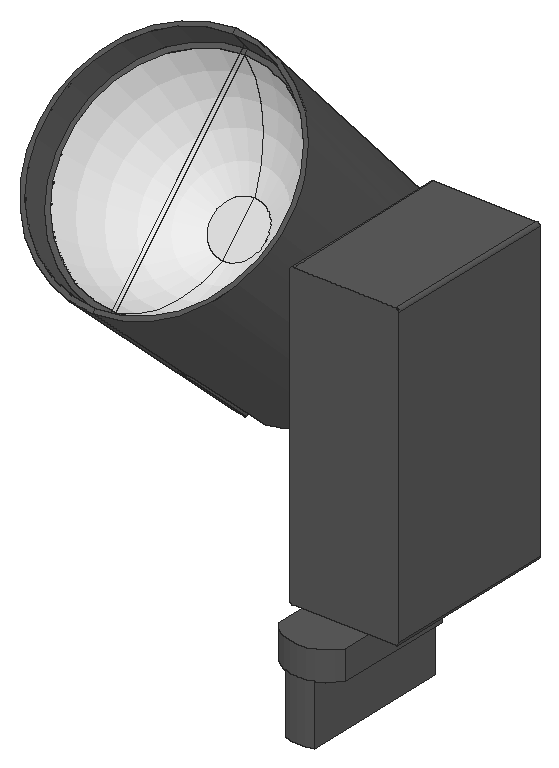
Revit family "0004902 Feilo Sylvania Lighting Fixture START TRACK SPOT L 35W 4K RA90 MB BLACK", category Lighting Fixtures, host Face, Revit 2017 (continued)
Definition of nested family "Start Track Spot Head"
  Types (96, lengths in mm): name | Wattage | built-in parameter 1150134 | Photometric Web File | Model | built-in parameter 1150105 | Lumens | built-in parameter 1150107 | built-in parameter 1150106 | HeadThickness_FEILO | HeadRibOffset_FEILO | HeadRibDepth_FEILO | HeadRibCutWidth_FEILO | HeadRibCutOffset_FEILO | HeadReflectorRadius_FEILO | HeadReflectorOffset_FEILO | HeadLEDRadius_FEILO | HeadHeight_FEILO | HeadDiffusorOffset_FEILO | HeadDiaOut_FEILO | HeadDiaIn_FEILO | HeadAxisFromTop_FEILO | Emit from Circle Diameter | built-in parameter 1150104 | Description | Apparent Load
    0004812 START TRACK SPOT S 14W 3K RA80 MB WHITE | 14 W | (empty or 0) | "0004812.ies" | "START TRACK SPOT S 14W 3K RA80 MB WHITE" | 120.32 (stored number, unit not read) | 1512 lm | 3000 (stored number, unit not read) | 1.2032 (stored number, unit not read) | 1.5 | 4.179 | 55.714 | 7.167 | 50.87 | 50.588 | 55.714 | 9.556 | 117 | 9.435 | 86 | 77.477 | 69.354 | 77.477 | 10.034 (stored number, unit not read) | "Integrated LED spotlight, Textured White - RAL9016, compact and minimalist design, ideal for retail applications, die-cast aluminium body, passive cooling heatsink. Beam angle: 36°, color temperature: 3000K , total system power: 14W, total fixture output: 1508 lm, LOR: 100%, colour rendering: Ra: 80 typical, LED Chromaticity: 3 step MacAdam ellipse, lifetime: >50000 hours at L70B50, energy class: A++, A+, A, IR/UV free light source without heat radiation, operating voltage: 220-240V / 50-60Hz, drive current: 350mA, electronic driver, non-dimmable, power factor: 0.92, electrical protection: Class II, Global Track 3 Phase adapter suitable for Global trac 3-circuit tracks, ingress protection rating: IP20, suitable for internal environment only, horizontal rotation: 355°, vertical tilt: 90°, dimensions: Ø86x140x200, weight: 0.940kg." | 14 VA
    0004811 START TRACK SPOT S 14W 3K RA80 NB WHITE | 14 W | (empty or 0) | "0004811.ies" | "START TRACK SPOT S 14W 3K RA80 NB WHITE" | 123.66 (stored number, unit not read) | 1554 lm | 3000 (stored number, unit not read) | 1.2366 (stored number, unit not read) | 1.5 | 4.179 | 55.714 | 7.167 | 50.87 | 50.588 | 55.714 | 9.556 | 117 | 9.435 | 86 | 77.477 | 69.354 | 77.477 | 10.312 (stored number, unit not read) | "Integrated LED spotlight, Textured White - RAL9016, compact and minimalist design, ideal for retail applications, die-cast aluminium body, passive cooling heatsink. Beam angle: 12°, color temperature: 3000K , total system power: 14W, total fixture output: 1551 lm, LOR: 100%, colour rendering: Ra: 80 typical, LED Chromaticity: 3 step MacAdam ellipse, lifetime: >50000 hours at L70B50, energy class: A++, A+, A, IR/UV free light source without heat radiation, operating voltage: 220-240V / 50-60Hz, drive current: 350mA, electronic driver, non-dimmable, power factor: 0.92, electrical protection: Class II, Global Track 3 Phase adapter suitable for Global trac 3-circuit tracks, ingress protection rating: IP20, suitable for internal environment only, horizontal rotation: 355°, vertical tilt: 90°, dimensions: Ø86x140x200, weight: 0.940kg." | 14 VA
  Reference planes
    plane 1 "Center (Front/Back)": y = 0
    plane 2: z = 0
    plane 3 "Center (Left/Right)": x = 0
    plane 4: x = 43
    plane 5: x = -43
    plane 6: x = -38.739
    plane 7: x = 38.739
    plane 8: z = 69.354
    plane 9: z = -47.646
    plane 10: x = -41.5
    plane 11: x = -37.239
    plane 12: z = -38.211
    plane 13: z = -35.211
    plane 14: z = 8.068
    plane 15: x = -9.556
    plane 16: x = -28.667
    plane 17: x = -19.111
    plane 18: x = -27.167
    plane 19: x = -17.611
    plane 20: x = -8.056
    plane 21: z = 13.64
    plane 22: x = -29.667
    plane 23: x = -26.167
    plane 24: x = -20.111
    plane 25: x = -16.611
    plane 26: x = -10.556
    plane 27: x = -7.056
    plane 28: x = -36.239
    plane 29: x = -40.5
    plane 30: z = 65.175
    plane 31: z = 60.997
    plane 32: z = 56.818
    plane 33: z = 18.484
    plane 34: y = -43
    plane 35: y = 43
    plane 36: y = 3.583
    plane 37: y = -3.583
    plane 38: y = -2.583
    plane 39: y = 2.583
    plane 40: y = 46
    plane 41: z = 13.5
    plane 42: z = -13.5
    plane 43: y = 39
    plane 44: x = 4.708
    plane 45: x = -2.458
    plane 46: x = -1.458
    plane 47: x = 1.458
  Forms (mm)
    Extrusion 1, solid
      sketch origin (4.2, 0, 0) x (1, 0, 0) y (0, 1, 0)
        loop
          line (-1219.2, 1219.2) -> (-1219.2, -1219.2) -> (1219.2, -1219.2) -> (1219.2, 1219.2) -> (-1219.2, 1219.2)
      from 0 to -68.017
    Revolve 2, solid, material <- "Material_1_FEILO", detail levels medium+fine
      sketch origin (0, 0, 0) x (1, 0, 0) y (0, 0, 1)
        loop
          line (-43, -47.646) -> (-41.5, -47.646) -> (-40.5, -35.211) -> (-38.739, -35.211)
          arc (-38.739, -35.211) -> (-30.16, -9.517) -> (-9.556, 8.068) r 50.588
          line (-9.556, 8.068) -> (0, 8.068) -> (0, 13.64) -> (-16.611, 13.64) -> (-17.611, 60.997) -> (-19.111, 60.997) -> (-20.111, 13.64) -> (-36.239, 13.64) -> (-37.239, 69.354) -> (-38.739, 69.354) -> (-43, -47.646)
        axis (0, 69.354) -> (0, -47.646)
      angle from 360 to 0
    Extrusion 3, void
      sketch origin (0, 0, 0) x (0, 1, 0) y (0, 0, 1)
        loop
          line (-3.583, 69.354) -> (-2.583, 18.484) -> (1.932, 18.484) -> (2.932, 69.354) -> (-3.583, 69.354)
      from 43 to -43
    Revolve 4, solid, material <- "Material_2_FEILO", detail levels medium+fine
      sketch origin (0, 0, 0) x (1, 0, 0) y (0, 0, 1)
        loop
          line (-41.5, -38.211) -> (0, -38.211) -> (0, -35.211) -> (-41.5, -35.211) -> (-41.5, -38.211)
        axis (0, -35.211) -> (0, -38.211)
      angle from 360 to 0
    Revolve 5, solid, material <- "Material_1_FEILO"
      sketch origin (0, 0, 0) x (0, 1, 0) y (0, 0, 1)
        loop
          line (46, 0) -> (39, 0) -> (39, -13.5) -> (46, -13.5) -> (46, 0)
        axis (39, 0) -> (46, 0)
      angle from 360 to 0
    Revolve 6, solid, material <- "Material_1_FEILO", detail levels medium+fine
      sketch origin (0, 0, 0) x (1, 0, 0) y (0, 0, 1)
        loop
          line (-29.667, 13.64) -> (-26.167, 13.64) -> (-27.167, 65.175) -> (-28.667, 65.175) -> (-29.667, 13.64)
        loop
          line (-10.556, 13.64) -> (-7.056, 13.64) -> (-7.833, 56.818) -> (-9.778, 56.818) -> (-10.556, 13.64)
        axis (0, 65.175) -> (0, 13.64)
      angle from 360 to 0
    Extrusion 7, void
      sketch origin (0, 0, 0) x (1, 0, 0) y (0, 0, 1)
        loop
          line (4.708, 69.354) -> (-2.458, 69.354) -> (-1.458, 13.64) -> (1.458, 13.64) -> (4.708, 69.354)
      from -43 to 43
    Revolve 8, solid, material <- "Material_1_FEILO", detail levels coarse
      sketch origin (0, 0, 0) x (1, 0, 0) y (0, 0, 1)
        loop
          line (0, 69.354) -> (-38.739, 69.354) -> (-43, -47.646) -> (-41.5, -47.646) -> (-40.731, -38.211) -> (0, -38.211) -> (0, 69.354)
        axis (0, 69.354) -> (0, -47.646)
      angle from 360 to 0
  Cuts and joins
    Extrusion 3 cuts Revolve 2
    Extrusion 7 cuts Revolve 6
  Dimensions and locks
    equal spacing: plane 7, plane 3 "Center (Left/Right)", plane 6
    equal spacing: plane 4, plane 3 "Center (Left/Right)", plane 5
    "HeadDiaOut_FEILO": plane 4 to plane 5
    "HeadDiaIn_FEILO": plane 7 to plane 6
    "HeadHeight_FEILO": plane 8 to plane 9
    "HeadThickness_FEILO": plane 10 to plane 5
    "HeadThickness_FEILO": plane 11 to plane 6
    "HeadDiffusorOffset_FEILO": plane 12 to plane 9
    "HeadDiffusorThickness_FEILO": plane 13 to plane 12
    "HeadReflectorOffset_FEILO": plane 14 to plane 9
    "HeadLEDRadius_FEILO": plane 3 "Center (Left/Right)" to plane 15
    "HeadLEDRadius_FEILO": plane 15 to plane 17
    "HeadLEDRadius_FEILO": plane 17 to plane 16
    "HeadThickness_FEILO": plane 18 to plane 16
    "HeadThickness_FEILO": plane 19 to plane 17
    "HeadThickness_FEILO": plane 20 to plane 15
    "HeadRibDepth_FEILO": plane 8 to plane 21
    "HeadDraft_FEILO": plane 16 to plane 22
    "HeadDraft_FEILO": plane 23 to plane 18
    "HeadDraft_FEILO": plane 17 to plane 24
    "HeadDraft_FEILO": plane 25 to plane 19
    "HeadDraft_FEILO": plane 15 to plane 26
    "HeadDraft_FEILO": plane 27 to plane 20
    "HeadDraft_FEILO": plane 29 to plane 10
    "HeadDraft_FEILO": plane 28 to plane 11
    "HeadRibOffset_FEILO": plane 8 to plane 30
    "HeadRibOffset_FEILO": plane 30 to plane 31
    "HeadRibOffset_FEILO": plane 31 to plane 32
    "HeadAxisFromTop_FEILO": plane 8 to plane 2
    "HeadRibCutOffset_FEILO": plane 8 to plane 33
    equal spacing: plane 34, plane 1 "Center (Front/Back)", plane 35
    "HeadDiaOut_FEILO": plane 34 to plane 35
    equal spacing: plane 38, plane 1 "Center (Front/Back)", plane 39
    equal spacing: plane 37, plane 1 "Center (Front/Back)", plane 36
    "HeadRibCutWidth_FEILO": plane 37 to plane 36
    "HeadDraft_FEILO": plane 37 to plane 38
    locked: plane 35 to plane 40 at 3
    equal spacing: plane 41, plane 2, plane 42
    locked: plane 42 to plane 41 at 27
    locked: plane 43 to plane 35 at 4
    equal spacing: plane 45, imposter light, plane 44
    "HeadDraft_FEILO": plane 46 to plane 45
    "HeadRibCutWidth_FEILO": plane 44 to plane 45
    equal spacing: plane 47, plane 3 "Center (Left/Right)", plane 46
    "HeadReflectorRadius_FEILO": radius of Revolve 2 sketch curve
    aligned and locked: plane 2 to Extrusion 1
    aligned and locked: level to Extrusion 1
    aligned and locked: Revolve 2 sketch curve to plane 3 "Center (Left/Right)"  (x2)
    aligned and locked: plane 9 to Revolve 2 sketch curve  (x2)
    aligned and locked: plane 5 to Revolve 2 sketch curve
    aligned and locked: plane 10 to Revolve 2 sketch curve
    aligned and locked: plane 14 to Revolve 2 sketch curve
    aligned and locked: plane 8 to Revolve 2 sketch curve
    aligned and locked: Revolve 2 sketch curve to plane 13
    aligned and locked: plane 12 to Revolve 4 sketch curve
    aligned and locked: plane 3 "Center (Left/Right)" to Revolve 4 sketch curve
    aligned and locked: Revolve 4 sketch curve to plane 10
    aligned and locked: Revolve 4 sketch curve to plane 3 "Center (Left/Right)"
    aligned and locked: plane 12 to imposter light
    aligned and locked: imposter light to plane 1 "Center (Front/Back)"
    aligned and locked: Revolve 5 sketch curve to plane 2
    aligned and locked: plane 43 to Revolve 5 sketch curve
    aligned and locked: plane 42 to Revolve 5 sketch curve
    aligned and locked: Revolve 6 sketch curve to plane 3 "Center (Left/Right)"
    aligned and locked: plane 22 to Revolve 6 sketch curve
    aligned and locked: plane 30 to Revolve 6 sketch curve
    aligned and locked: plane 23 to Revolve 6 sketch curve
    aligned and locked: Revolve 6 sketch curve to plane 21  (x2)
    aligned and locked: plane 21 to Revolve 6 sketch curve
    aligned and locked: plane 17 to Revolve 2 sketch curve
    aligned and locked: plane 19 to Revolve 2 sketch curve
    aligned and locked: plane 31 to Revolve 2 sketch curve
    aligned and locked: plane 21 to Revolve 2 sketch curve
    aligned and locked: Extrusion 3 to plane 8
    aligned and locked: plane 33 to Extrusion 3
    aligned and locked: plane 8 to Extrusion 3 sketch curve
    aligned and locked: Extrusion 3 sketch curve to plane 33
    aligned and locked: Extrusion 3 to plane 5
    aligned and locked: plane 4 to Extrusion 3
    aligned and locked: plane 32 to Revolve 6 sketch curve
    aligned and locked: plane 44 to Extrusion 7 sketch curve
    aligned and locked: Extrusion 7 sketch curve to plane 8
    aligned and locked: plane 46 to Extrusion 7 sketch curve
    aligned and locked: plane 21 to Extrusion 7 sketch curve
    aligned and locked: plane 34 to Extrusion 7
    aligned and locked: Extrusion 7 to plane 35
    aligned and locked: Revolve 4 sketch curve to plane 13
    aligned and locked: Revolve 5 sketch curve to plane 40
    aligned and locked: Revolve 8 sketch curve to plane 3 "Center (Left/Right)"
    aligned and locked: Revolve 8 sketch curve to cut or joined group of Revolve 2, Extrusion 3  (x3)
    aligned and locked: plane 5 to Revolve 8 sketch curve
    aligned and locked: plane 3 "Center (Left/Right)" to Revolve 8 sketch curve
    aligned and locked: plane 12 to Revolve 8 sketch curve
  Automatic sketch dimensions
    Extrusion 1 sketch curve to Extrusion 1 sketch curve = 2438.4 mm  (x2)
    Extrusion 3 sketch curve to plane 37 = 0 mm
    Extrusion 3 sketch curve to plane 38 = 0 mm
    plane 39 to Extrusion 3 sketch curve = 0.651 mm
    Extrusion 3 sketch curve to plane 39 = 0.349 mm
    Revolve 6 sketch curve to plane 16 = 0 mm
    Revolve 6 sketch curve to plane 18 = 0 mm
    Revolve 6 sketch curve to plane 26 = 0 mm
    Revolve 6 sketch curve to plane 27 = 0 mm
    Revolve 6 sketch curve to plane 15 = 0.222 mm
    plane 9 to Revolve 6 sketch curve = 559.103 mm
    Revolve 6 sketch curve to plane 8 = 2535.555 mm
    plane 20 to Revolve 6 sketch curve = 0.222 mm
    Revolve 2 sketch curve to plane 29 = 0 mm
    Revolve 2 sketch curve to plane 6 = 0 mm  (x2)
    Revolve 2 sketch curve to plane 11 = 0 mm
    Revolve 2 sketch curve to plane 21 = 0 mm
    Revolve 2 sketch curve to plane 28 = 0 mm
    Revolve 2 sketch curve to plane 24 = 0 mm
    Revolve 2 sketch curve to plane 25 = 0 mm
    Revolve 2 sketch curve to plane 15 = 0 mm
    Revolve 2 sketch curve to Revolve 2 sketch curve = 557.155 mm
    Revolve 2 sketch curve to plane 8 = 2535.558 mm
    Extrusion 7 sketch curve to plane 45 = 0 mm
    Extrusion 7 sketch curve to plane 47 = 0 mm
    plane 9 to Revolve 4 sketch curve = 559.103 mm
    Revolve 4 sketch curve to plane 8 = 2535.555 mm
    Revolve 5 sketch curve to level = 0 mm
    plane 34 to Revolve 5 sketch curve = 1968.092 mm
    Revolve 5 sketch curve to plane 40 = 1405.763 mm
    Revolve 8 sketch curve to plane 6 = 0 mm
    Revolve 8 sketch curve to plane 29 = 0.231 mm
    plane 9 to Revolve 8 sketch curve = 559.103 mm
    Revolve 8 sketch curve to Revolve 8 sketch curve = 2535.555 mm
Definition of nested family "Start Track Spot Box"
  Parameters (values of type "Type Large White")
    URL = "http://www.feilosylvania.com"
    Type Image = (empty or 0)
    Type Comments = "n/a"
    Small_FEILO = no
    Material_3_FEILO = none
    Model = ""
    Manufacturer = "Feilo Sylvania"
    Keynote = ""
    Material_2_FEILO = none
    Description = ""
    Default Elevation = 1219.2 mm
    Cost = 0
    Material_1_FEILO = none
    BoxWidth_FEILO = 49 mm
    BoxStartAngle_FEILO [instance] = 0.00°
    BoxRadius_FEILO = 1.5 mm
    BoxHeight_FEILO = if(Small_FEILO, 112 mm, 136 mm)  # 136 mm
    BoxEndAngle_FEILO [instance] = BoxStartAngle_FEILO - 180.00°  # -180.00°
    BoxDepth_FEILO = if(Small_FEILO, 71.5 mm, 79 mm)  # 79 mm
    BoxAxisVerticalOffset_FEILO = 16 mm
    BoxAxisOffset_FEILO = BoxHeight_FEILO / 6.8  # 20 mm
    Assembly Code = ""
    Material_4_FEILO = none
  Types (4, lengths in mm): name | Small_FEILO | BoxHeight_FEILO | BoxDepth_FEILO | BoxAxisOffset_FEILO
    Type Large White | no | 136 | 79 | 20
    Type Small White | yes | 112 | 71.5 | 16.471
    Type Small Black | yes | 112 | 71.5 | 16.471
    Type Large Black | no | 136 | 79 | 20
  Reference planes
    plane 1 "Center (Front/Back)": y = 0
    plane 2: z = 0
    plane 3 "Center (Left/Right)": x = 0
    plane 4: x = 24.5
    plane 5: x = -24.5
    plane 6: y = 68
    plane 7: y = -68
    plane 8: z = 39.5
    plane 9: z = -39.5
    plane 10: y = -48
    plane 11: x = 30.5
    plane 12: x = 8.5
    plane 13: x = 21.5
    plane 14: y = 70
    plane 15: y = 72
    plane 16: x = 19.5
  Forms (mm)
    Extrusion 1, solid
      sketch origin (4.2, 0, 0) x (1, 0, 0) y (0, 1, 0)
        loop
          line (-1219.2, 1219.2) -> (-1219.2, -1219.2) -> (1219.2, -1219.2) -> (1219.2, 1219.2) -> (-1219.2, 1219.2)
      from 0 to -68.017
    Extrusion 2, solid, material <- "Material_1_FEILO"
      sketch origin (0, 0, 0) x (1, 0, 0) y (0, 1, 0)
        loop
          arc (-23, 68) -> (-24.061, 67.561) -> (-24.5, 66.5) r 1.5
          line (-24.5, 66.5) -> (-24.5, -66.5)
          arc (-24.5, -66.5) -> (-24.061, -67.561) -> (-23, -68) r 1.5
          line (-23, -68) -> (23, -68)
          arc (23, -68) -> (24.061, -67.561) -> (24.5, -66.5) r 1.5
          line (24.5, -66.5) -> (24.5, 66.5)
          arc (24.5, 66.5) -> (24.061, 67.561) -> (23, 68) r 1.5
          line (23, 68) -> (-23, 68)
      from -39.5 to 39.5
    Revolve 3, solid, not visible
      sketch origin (0, 0, 0) x (1, 0, 0) y (0, 1, 0)
        loop
          line (30.5, -48) -> (24.5, -48) -> (24.5, -68) -> (30.5, -68) -> (30.5, -48)
        axis (30.5, -48) -> (24.5, -48)
      angle from 0 <- "BoxStartAngle_FEILO" to -180 <- "BoxEndAngle_FEILO"
    Revolve 4, solid, material <- "Material_2_FEILO"
      sketch origin (0, 0, 0) x (1, 0, 0) y (0, 1, 0)
        loop
          line (8.5, 68) -> (19.5, 68) -> (19.5, 70) -> (21.5, 70) -> (21.5, 72) -> (8.5, 72) -> (8.5, 68)
        axis (8.5, 72) -> (8.5, 68)
      angle from 360 to 0
  Dimensions and locks
    equal spacing: plane 5, plane 3 "Center (Left/Right)", plane 4
    "BoxWidth_FEILO": plane 5 to plane 4
    equal spacing: plane 7, plane 1 "Center (Front/Back)", plane 6
    "BoxHeight_FEILO": plane 7 to plane 6
    equal spacing: plane 8, plane 2, plane 9
    "BoxDepth_FEILO": plane 8 to plane 9
    "BoxAxisOffset_FEILO": plane 7 to plane 10
    locked: plane 4 to plane 11 at 6
    "BoxAxisVerticalOffset_FEILO": plane 12 to plane 4
    locked: plane 12 to plane 13 at 13
    plane 6 to plane 14 to plane 15 = 2 mm locked, 2 mm locked
    locked: plane 12 to plane 16 at 11
    "BoxRadius_FEILO": radius of Extrusion 2 sketch curve  (x4)
    aligned and locked: plane 2 to Extrusion 1
    aligned and locked: level to Extrusion 1
    aligned and locked: plane 6 to Extrusion 2 sketch curve
    aligned and locked: plane 5 to Extrusion 2 sketch curve
    aligned and locked: Extrusion 2 sketch curve to plane 7
    aligned and locked: Extrusion 2 sketch curve to plane 4
    aligned and locked: Extrusion 2 to plane 8
    aligned and locked: plane 9 to Extrusion 2
    aligned and locked: Revolve 3 sketch curve to plane 10  (x2)
    aligned and locked: plane 11 to Revolve 3 sketch curve
    aligned and locked: Revolve 3 sketch curve to plane 4
    aligned and locked: plane 7 to Revolve 3 sketch curve
    aligned and locked: Revolve 4 sketch curve to plane 12
    aligned and locked: plane 6 to Revolve 4 sketch curve
    aligned and locked: plane 12 to Revolve 4 sketch curve
    aligned and locked: plane 15 to Revolve 4 sketch curve
    aligned and locked: Revolve 4 sketch curve to plane 13
    aligned and locked: Revolve 4 sketch curve to plane 14
    aligned and locked: Revolve 4 sketch curve to plane 16
    aligned and locked: Revolve 4 sketch curve to plane 6
  Automatic sketch dimensions
    Extrusion 1 sketch curve to Extrusion 1 sketch curve = 2438.4 mm  (x2)
    Revolve 3 sketch curve to plane 5 = 1499.5 mm
    plane 11 to Revolve 3 sketch curve = 1493.5 mm
    plane 15 to Revolve 4 sketch curve = 0 mm
    plane 7 to Revolve 4 sketch curve = 1456 mm
    Revolve 4 sketch curve to plane 15 = 1452 mm
